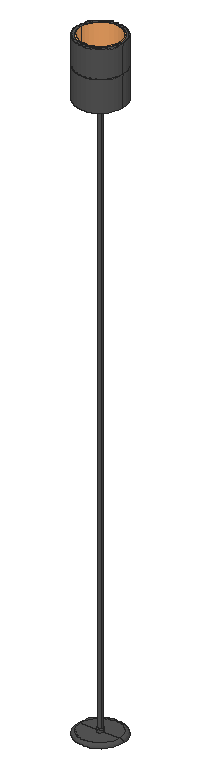
Revit family "MELO CYLINDER PENDANT LIGHT", category Lighting Fixtures, host Face, Revit 2020
Family settings
  Host = Face
  Round Connector Dimension = Use Diameter
  Part Type = Normal
  Cut with Voids When Loaded = No
  Light Source = Yes
  Shared = No
  Room Calculation Point = No
Parameters (values of type "MELO04R-SP30801-10D-15-GD-BK")
  Wattage_Input [instance] = 25 W
  Wattage Comments = "25W/18W/12W"
  Wattage = 17.5035 W
  Voltage_Input [instance] = 0 V
  built-in parameter 1150110 = 1 (stored number, unit not read)
  Voltage [instance] = if(Voltage_Input < 120 V, 120 V, if(Voltage_Input > 277 V, 277 V, Voltage_Input))  # 120 V
  URL = "https://www.abovealllighting.com/Product/LED-INDOOR-FIXTURE/Cylinder/MELOCylinderPendantLight.html"
  Type Comments = "MELO CYLINDER PENDANT LIGHT"
  built-in parameter 1114217 = 1 (stored number, unit not read)
  Tilt Angle = -90.00°
  built-in parameter 1150109 = 1 (stored number, unit not read)
  built-in parameter 1150134 = (empty or 0)
  built-in parameter 1150113 = 1 (stored number, unit not read)
  Size 08 = no
  Size 06 = no
  Size 04 = yes
  Selectable Wattage [instance] = if(and(Wattage_Input = 25 W, Size 04), 25 W, if(and(Wattage_Input = 18 W, Size 04), 18 W, if(and(Wattage_Input = 12 W, Size 04), 12 W, if(and(Wattage_Input = 40 W, Size 06), 40 W, if(and(Wattage_Input = 30 W, Size 06), 30 W, if(and(Wattage_Input = 20 W, Size 06), 20 W, if(and(Wattage_Input = 58 W, Size 08), 58 W, if(and(Wattage_Input = 44 W, Size 08), 44 W, if(and(Wattage_Input = 29 W, Size 08), 29 W, 0 W)))))))))  # 25 W
  Power Factor = 1  # constant formula
  Photometric Web File = "generic"
  Pendent Rod Length_1 [instance] = if(Pendent, Pendant Rod Length, 0' 0 1/128")  # 4' - 0"
  Pendent [instance] = yes
  Pendant Rod Length = 4' - 0"
  Order number = "17290"
  built-in parameter 1150142 = (empty or 0)
  Model = "MELO04R-SP30801-10D-15-GD-BK"
  Manufacturer = "Above All Lighting"
  built-in parameter 1150105 = 206.9 (stored number, unit not read)
  Lumens = 2600 lm
  built-in parameter 1150115 = 1 (stored number, unit not read)
  Load Classification = Lighting
  built-in parameter 1150137 = (empty or 0)
  built-in parameter 1150139 = (empty or 0)
  built-in parameter 1150112 = 1 (stored number, unit not read)
  built-in parameter 1150114 = 1 (stored number, unit not read)
  built-in parameter 1150132 = 2
  built-in parameter 1150102 = (empty or 0)
  built-in parameter 1150107 = 3000 (stored number, unit not read)
  built-in parameter 1150138 = (empty or 0)
  built-in parameter 1150106 = 2.069 (stored number, unit not read)
  IP Rating = "Wet Location"  # constant formula
  Fixture Diameter = 0' - 3 115/128"
  Finish/Color = BLACK
  built-in parameter 1150104 = 13.8 (stored number, unit not read)
  Dimming Lamp Color Temperature Shift = <None>
  Dimming / Control = "0-10V"
  Description = "The MELO cylinder would greatly create possibilities in the whole commercial area. Multiple sizes, beam \r\noptions , and high visual comfort COB LED."
  Default Elevation = 0' - 0"
  Color Filter = 16777215
  Canopy for Surface Mount J-box [instance] = not([Canopy for Recessed J-Box])  # no
  Canopy for Recessed J-Box [instance] = yes
  Canopy Height [instance] = if([Canopy for Recessed J-Box], 0' 0 1/2", 0' 1 1/2")  # 0' - 0 1/2"
  CRI = "80"  # constant formula
  C2 H = 0' - 2.3"
  C1 H = 0' - 2.6"
  built-in parameter 1114218 = 1 (stored number, unit not read)
  Baffle = GOLDEN
  BEAMING ANGLE = 15.00°
  Average life based on 104F(HRS) = "50000"  # constant formula
  built-in parameter 1150133 = 10 (stored number, unit not read)
  Apparent Load = 0 VA
Reference planes (in)
  plane 1 "Center (Front/Back)": y = 0
  plane 2: z = 0
  plane 3 "Center (Left/Right)": x = 0
  plane 4: x = -1.94922
  plane 5: x = 1.94922
  plane 6: z = 53.4
  plane 7: z = 48.5
  plane 8: z = 51.1
  plane 9: z = 51.27263
  plane 10: z = 0.5
Forms (in)
  Revolve 1, solid, material "BLACK" <- "Finish/Color", visible <- "Pendent"
    sketch origin (0, 0, 0) x (1, 0, 0) y (0, 0, 1)
      loop
        line (-0.14848, 0.5) -> (0, 0.5) -> (0, 48.5) -> (-0.27362, 48.5) -> (-0.27362, 48.09294) -> (-0.14848, 48.09294) -> (-0.14848, 0.5)
      axis (0, 48.5) -> (0, 0.5)
    angle from 0 to 360
  Revolve 2, solid, material "BLACK" <- "Finish/Color", visible <- "Canopy for Recessed J-Box"
    sketch origin (0, 0, 0) x (1, 0, 0) y (0, 0, 1)
      loop
        line (0, 0) -> (0, 0.5) -> (-0.19141, 0.5)
        arc (-0.19141, 0.5) -> (-0.23284, 0.48284) -> (-0.25, 0.44141) r 0.05859
        line (-0.25, 0.44141) -> (-0.25, 0.2629) -> (-1.68426, 0.2629)
        arc (-1.68426, 0.2629) -> (-1.87016, 0.1859) -> (-1.94716, 0) r 0.2629
        line (-1.94716, 0) -> (0, 0)
      axis (0, 0) -> (0, 0.5)
    angle from 0 to 360
  Revolve 3, solid, material "BLACK" <- "Finish/Color", visible <- "Canopy for Surface Mount J-box"
    sketch origin (0, 0, 0) x (1, 0, 0) y (0, 0, 1)
      loop
        line (0, 0) -> (0, 1.5) -> (-0.19278, 1.5)
        arc (-0.19278, 1.5) -> (-0.23324, 1.48324) -> (-0.25, 1.44278) r 0.05722
        line (-0.25, 1.44278) -> (-0.25, 1.29228) -> (-1.78944, 1.29228)
        arc (-1.78944, 1.29228) -> (-1.90242, 1.24548) -> (-1.94922, 1.1325) r 0.15978
        line (-1.94922, 1.1325) -> (-1.94922, 0) -> (0, 0)
      axis (0, 1.5) -> (0, 0)
    angle from 0 to 360
Dimensions and locks (in)
  equal spacing: plane 4, plane 3 "Center (Left/Right)", plane 5
  "Fixture Diameter": plane 4 to plane 5
  "Pendent Rod Length_1": plane 7 to plane 10
  "C1 H": plane 8 to plane 7
  "C2 H": plane 6 to plane 8
  locked: Revolve 1 sketch curve to Revolve 1 sketch curve at 0.14848
  locked: Revolve 1 sketch curve to Revolve 1 sketch curve at 0.40706
  "Canopy Height": plane 10 to plane 2
  Revolve 2 sketch curve to Revolve 2 sketch curve to Revolve 2 sketch curve = 0' - 0.2371" locked, 0' - 0.2629" locked
  locked: Revolve 2 sketch curve to Revolve 2 sketch curve at 0.25
  Revolve 3 sketch curve to Revolve 3 sketch curve to Revolve 3 sketch curve = 0' - 0.20772" locked, 0' - 1.29228" locked
  locked: Revolve 3 sketch curve to Revolve 3 sketch curve at 0.25
  aligned and locked: plane 2 to host face
  aligned and locked: level to host face
  aligned and locked: plane 8 to nested 1
  aligned and locked: plane 8 to nested 2
  aligned and locked: plane 6 to nested 2
  aligned and locked: Revolve 1 sketch curve to plane 3 "Center (Left/Right)"  (x2)
  aligned and locked: Revolve 1 sketch curve to plane 7
  aligned and locked: nested 1 to plane 7
  aligned and locked: plane 6 to imposter light
  aligned and locked: plane 3 "Center (Left/Right)" to imposter light
  aligned and locked: plane 10 to Revolve 1 sketch curve
  aligned and locked: Revolve 2 sketch curve to plane 2
  aligned and locked: plane 3 "Center (Left/Right)" to Revolve 2 sketch curve  (x2)
  aligned and locked: Revolve 3 sketch curve to plane 2
  aligned and locked: plane 3 "Center (Left/Right)" to Revolve 3 sketch curve
  aligned and locked: Revolve 3 sketch curve to plane 3 "Center (Left/Right)"
  aligned and locked: Revolve 3 sketch curve to plane 4
Automatic sketch dimensions
  host sketch curve to host sketch curve = 8' - 0"  (x2)
  Revolve 1 sketch curve to Revolve 1 sketch curve = 0' - 0.12514"
  Revolve 1 sketch curve to Revolve 1 sketch curve = 0' - 0.10837"
  Revolve 1 sketch curve to Revolve 1 sketch curve = 0' - 0.30588"
  plane 4 to Revolve 2 sketch curve = 0' - 0.26495"
  Revolve 2 sketch curve to Revolve 2 sketch curve = 0' - 0 15/256"
  Revolve 2 sketch curve to Revolve 2 sketch curve = 0' - 0.30352"
  Revolve 2 sketch curve to Revolve 2 sketch curve = 0' - 0 1/4"
  Revolve 3 sketch curve to Revolve 3 sketch curve = 0' - 0.15978"
  Revolve 3 sketch curve to Revolve 3 sketch curve = 0' - 0.05722"
  Revolve 3 sketch curve to level = 0' - 0.3754"
  Revolve 3 sketch curve to Revolve 3 sketch curve = 0' - 0.31"
Nested families (in)
  nested 1: "Family2" at (0, 0, 48.5), Diameter <- "Fixture Diameter", Circle1 H <- "C1 H", material <- "Finish/Color", type "Family2"
    with material BLACK, Diameter 0' - 3 115/128", Circle1 H 0' - 2.6", Circle Radius 0' - 1 243/256"
  nested 2: "Family3" at (0, 0, 48.5), C2 H <- "C2 H", Materials1 <- "Finish/Color", Materials <- "Baffle", Diameter <- "Fixture Diameter", type "Family3"
    with Materials1 BLACK, Materials GOLDEN, Diameter 0' - 3 115/128", Circle2 Radius1 0' - 1 243/256", C2 H 0' - 2.3", Baffle dia 0' - 1 179/256"
Connectors (in)
  electrical at (0, 0, 0), driven by "Load Classification", driven by "Apparent Load", driven by "Power Factor", driven by "Voltage"
    settings: on host face, index 1, voltage 120 V, apparent load 0 VA, apparent load phase1 0 VA, apparent load phase2 0 VA, apparent load phase3 0 VA, power factor 1, load classification "Lighting", number of poles 1, system type 30, power factor state 1, is connector primary yes, connector utility no, sub classification motor no, connector description ""
Definition of nested family "Family2"
  Parameters (values of type "Family2")
    material [instance] = none
    Diameter [instance] = 3' - 0"
    Default Elevation = 0' - 0"
    Circle1 H [instance] = 0' - 2.6"
    Circle Radius [instance] = Diameter / 2  # 1' - 6"
  Reference planes (in)
    plane 1 "Center (Front/Back)": y = 0
    plane 2: z = 0
    plane 3 "Center (Left/Right)": x = 0
    plane 4: z = 2.6
    plane 5: z = 5.9
    plane 6: x = -18
    plane 7: x = 18
  Forms (in)
    Revolve 1, solid, material <- "material"
      sketch origin (0, 0, 0) x (1, 0, 0) y (0, 0, 1)
        loop
          line (0, 0) -> (0, 2.6) -> (-17.98021, 2.6)
          arc (-17.98021, 2.6) -> (-17.9942, 2.5942) -> (-18, 2.58021) r 0.01979
          line (-18, 2.58021) -> (-18, 0) -> (0, 0)
        axis (0, 2.6) -> (0, 0)
      angle from 0 to 360
  Dimensions and locks (in)
    plane 5 to plane 2 = 0' - 5.9"
    "Circle1 H": plane 4 to plane 2
    equal spacing: plane 6, plane 3 "Center (Left/Right)", plane 7
    "Diameter": plane 6 to plane 7
    aligned and locked: plane 2 to level
    aligned and locked: Revolve 1 sketch curve to plane 6
    aligned and locked: plane 4 to Revolve 1 sketch curve
    aligned and locked: plane 3 "Center (Left/Right)" to Revolve 1 sketch curve
    aligned and locked: Revolve 1 sketch curve to plane 2
    aligned and locked: Revolve 1 sketch curve to plane 3 "Center (Left/Right)"
  Automatic sketch dimensions
    Revolve 1 sketch curve to plane 4 = 0' - 0.01979"
    Revolve 1 sketch curve to plane 4 = 0' - 0 3/4"
    Revolve 1 sketch curve to Revolve 1 sketch curve = 0' - 0 3/4"
Definition of nested family "Family3"
  Parameters (values of type "Family3")
    Materials1 [instance] = none
    Materials [instance] = none
    Diameter [instance] = 0' - 3.9"
    Default Elevation = 0' - 0"
    Circle2 Radius1 [instance] = Diameter / 2  # 0' - 1.95"
    C2 H [instance] = 0' - 2.3"
    Baffle dia [instance] = Circle2 Radius1 - 0' 0 1/4"  # 0' - 1.7"
  Reference planes (in)
    plane 1 "Center (Front/Back)": y = 0
    plane 2: z = 0
    plane 3 "Center (Left/Right)": x = 0
    plane 4: x = -1.95
    plane 5: x = 1.95
    plane 6: z = 2.6
    plane 7: z = 4.9
  Forms (in)
    Revolve 1, solid, material <- "Materials"
      sketch origin (0, 0, 0) x (1, 0, 0) y (0, 0, 1)
        loop
          line (-1.7, 4.9) -> (-1.7, 2.6) -> (-1.6556, 2.6) -> (-1.6556, 4.9) -> (-1.7, 4.9)
        axis (0, 4.9) -> (0, 2.6)
      angle from 0 to 360
    Revolve 2, solid, material <- "Materials1"
      sketch origin (0, 0, 0) x (1, 0, 0) y (0, 0, 1)
        loop
          arc (-1.92984, 4.9) -> (-1.9441, 4.8941) -> (-1.95, 4.87984) r 0.02016
          line (-1.95, 4.87984) -> (-1.95, 2.6) -> (-1.7, 2.6) -> (-1.7, 4.9) -> (-1.92984, 4.9)
        axis (0, 2.6) -> (0, 4.9)
      angle from 0 to 360
  Dimensions and locks (in)
    equal spacing: plane 4, plane 3 "Center (Left/Right)", plane 5
    "Diameter": plane 4 to plane 5
    plane 6 to plane 2 = 0' - 2.6"
    "C2 H": plane 7 to plane 6
    locked: Revolve 1 sketch curve to Revolve 1 sketch curve at 0.0444
    "Baffle dia": plane 3 "Center (Left/Right)" to Revolve 1 sketch curve
    locked: Revolve 2 sketch curve to Revolve 2 sketch curve at 0.25
    "Circle2 Radius1": plane 3 "Center (Left/Right)" to Revolve 2 sketch curve
    aligned and locked: plane 2 to level
    aligned and locked: Revolve 1 sketch curve to plane 6
    aligned and locked: plane 7 to Revolve 1 sketch curve
    aligned and locked: Revolve 1 sketch curve to plane 3 "Center (Left/Right)"
    aligned and locked: Revolve 2 sketch curve to plane 7
    aligned and locked: plane 6 to Revolve 2 sketch curve
    aligned and locked: plane 3 "Center (Left/Right)" to Revolve 2 sketch curve
  Automatic sketch dimensions
    Revolve 1 sketch curve to plane 7 = 0' - 0"
    Revolve 1 sketch curve to Revolve 1 sketch curve = 0' - 0 1/2"
    plane 4 to Revolve 2 sketch curve = 0' - 0.02016"
    Revolve 2 sketch curve to plane 6 = 0' - 0 3/4"
    level to Revolve 2 sketch curve = 0' - 0.85"
Types (16): name | Wattage_Input | Wattage Comments | Wattage | Voltage_Input | Size 08 | Size 06 | Size 04 | Selectable Wattage | Photometric Web File | Pendent Rod Length_1 | Pendent | Order number | built-in parameter 1150142 | Model | built-in parameter 1150105 | Lumens | built-in parameter 1150106 | Fixture Diameter | Canopy for Surface Mount J-box | Canopy for Recessed J-Box | Canopy Height | C2 H | C1 H | BEAMING ANGLE
  (no name) | 25 W | "25W/18W/12W" | 17.5035 W | 0 V | no | no | yes | 25 W | "generic" | 4' - 0" | yes | "17290" | (empty or 0) | "MELO04R-SP30801-10D-15-GD-BK" | 206.9 (stored number, unit not read) | 2600 lm | 2.069 (stored number, unit not read) | 0' - 3 115/128" | no | yes | 0' - 0 1/2" | 0' - 2.3" | 0' - 2.6" | 15.00°
  MELO04R-SP30801-10D-15-GD-BK | 25 W | "25W/18W/12W" | 17.5035 W | 0 V | no | no | yes | 25 W | "generic" | 4' - 0" | yes | "17290" | (empty or 0) | "MELO04R-SP30801-10D-15-GD-BK" | 206.9 (stored number, unit not read) | 2600 lm | 2.069 (stored number, unit not read) | 0' - 3 115/128" | no | yes | 0' - 0 1/2" | 0' - 2.3" | 0' - 2.6" | 15.00°
  MELO04R-SP30801-10D-24-GD-BK | 25 W | "25W/18W/12W" | 17.5035 W | 0 V | no | no | yes | 25 W | "generic" | 4' - 0" | yes | "17286" | (empty or 0) | "MELO04R-SP30801-10D-24-GD-BK" | 206.9 (stored number, unit not read) | 2600 lm | 2.069 (stored number, unit not read) | 0' - 3 115/128" | no | yes | 0' - 0 1/2" | 0' - 2.3" | 0' - 2.6" | 24.00°
  MELO04R-SP30801-10D-60-GD-BK | 25 W | "25W/18W/12W" | 17.5035 W | 0 V | no | no | yes | 25 W | "MELO04R-SP30801-10D-60.IES" | 4' - 0" | yes | "17292" | "IESNA:LM-63-2002\r\n[TEST] \r\n[TESTLAB] EVERFINE\r\n[TESTDATE] 2023-03-20\r\n[ISSUEDATE] 2023-07-07 09:54:40\r\n[NEARFIELD] \r\n[LAMPPOSITION] 0,0\r\n[OTHER] EVERFINE GO-2000B_V1 SYSTEM\r\n[MANUFAC] Aboveall lighting\r\n[LUMINAIRE] MELO04R-SP30801-10D-60\r\n[OTHER] \r\n[OTHER] Gamma(deg)    Fz(lm)      Ft(lm)     %Lum    %Lamp\r\n[OTHER]   0- 10       275.69      275.69    10.55    10.55\r\n[OTHER]  10- 20       740.10     1015.79    38.88    38.88\r\n[OTHER]  20- 30       925.65     1941.44    74.31    74.31\r\n[OTHER]  30- 40       461.67     2403.11    91.98    91.98\r\n[OTHER]  40- 50        96.17     2499.28    95.66    95.66\r\n[OTHER]  50- 60        52.26     2551.55    97.66    97.66\r\n[OTHER]  60- 70        35.91     2587.46    99.04    99.04\r\n[OTHER]  70- 80        15.08     2602.53    99.61    99.61\r\n[OTHER]  80- 90         2.38     2604.91    99.70    99.70\r\n[OTHER]  90-100         0.18     2605.09    99.71    99.71\r\n[OTHER] 100-110         0.29     2605.38    99.72    99.72\r\n[OTHER] 110-120         0.35     2605.73    99.73    99.73\r\n[OTHER] 120-130         0.41     2606.14    99.75    99.75\r\n[OTHER] 130-140         0.88     2607.03    99.78    99.78\r\n[OTHER] 140-150         1.57     2608.60    99.84    99.84\r\n[OTHER] 150-160         1.87     2610.47    99.92    99.92\r\n[OTHER] 160-170         1.57     2612.04    99.98    99.98\r\n[OTHER] 170-180         0.61     2612.66   100.00   100.00\r\n[OTHER] \r\nTILT=NONE\r\n1 -1 1 181 25 1 2 -0.085 -0.085 0\r\n1 1 25\r\n0.00 1.00 2.00 3.00 4.00 5.00 6.00 7.00 8.00 9.00 10.00 11.00 12.00 13.00 14.00 15.00 16.00 17.00 18.00 19.00 20.00 21.00 22.00 23.00 24.00 25.00 26.00 27.00 28.00 29.00 30.00 31.00 32.00 33.00 34.00 35.00 36.00 37.00 38.00 39.00 40.00 41.00 42.00 43.00 \r\n44.00 45.00 46.00 47.00 48.00 49.00 50.00 51.00 52.00 53.00 54.00 55.00 56.00 57.00 58.00 59.00 60.00 61.00 62.00 63.00 64.00 65.00 66.00 67.00 68.00 69.00 70.00 71.00 72.00 73.00 74.00 75.00 76.00 77.00 78.00 79.00 80.00 81.00 82.00 83.00 84.00 85.00 \r\n86.00 87.00 88.00 89.00 90.00 91.00 92.00 93.00 94.00 95.00 96.00 97.00 98.00 99.00 100.00 101.00 102.00 103.00 104.00 105.00 106.00 107.00 108.00 109.00 110.00 111.00 112.00 113.00 114.00 115.00 116.00 117.00 118.00 119.00 120.00 121.00 122.00 123.00 \r\n124.00 125.00 126.00 127.00 128.00 129.00 130.00 131.00 132.00 133.00 134.00 135.00 136.00 137.00 138.00 139.00 140.00 141.00 142.00 143.00 144.00 145.00 146.00 147.00 148.00 149.00 150.00 151.00 152.00 153.00 154.00 155.00 156.00 157.00 158.00 159.00 \r\n160.00 161.00 162.00 163.00 164.00 165.00 166.00 167.00 168.00 169.00 170.00 171.00 172.00 173.00 174.00 175.00 176.00 177.00 178.00 179.00 180.00\r\n0.00 15.00 30.00 45.00 60.00 75.00 90.00 105.00 120.00 135.00 150.00 165.00 180.00 195.00 210.00 225.00 240.00 255.00 270.00 285.00 300.00 315.00 330.00 345.00 360.00\r\n2956.60 2965.06 2977.57 2984.73 2983.33 2974.47 2956.45 2936.44 2914.78 2891.77 2867.78 2842.66 2818.29 2786.95 2754.01 2725.13 2696.36 2665.18 2632.80 2596.74 2558.35 2516.37 2469.10 2415.45 2351.90 2279.58 2202.79 2120.87 2030.89 1930.44 1818.30 1689.90\r\n 1537.63 1335.79 1084.80 841.21 630.37 469.42 357.47 289.03 245.26 212.53 185.12 162.25 137.53 112.80 86.66 74.08 69.50 67.38 65.58 63.94 62.45 60.79 59.08 57.06 54.82 52.58 50.27 47.91 45.54 43.19 40.79 38.41 36.07 33.74 31.44 29.20 27.00 24.92 22.92 \r\n20.95 19.06 17.23 15.48 13.82 12.23 10.71 9.28 7.94 6.68 5.53 4.55 3.75 3.39 3.40 3.43 3.26 2.44 1.25 0.34 0.15 0.14 0.19 0.38 0.65 0.12 0.12 0.12 0.12 0.12 0.13 0.13 0.13 0.13 0.13 0.13 0.14 0.48 0.82 0.87 0.80 0.73 0.67 0.60 0.55 0.50 0.44 0.41 0.37 \r\n0.36 0.35 0.33 0.32 0.33 0.32 0.32 0.32 0.39 0.39 0.43 0.53 0.56 0.65 0.71 0.83 0.90 1.02 1.14 1.27 1.41 1.56 1.66 1.80 1.95 2.10 2.25 2.40 2.56 2.70 2.85 3.00 3.15 3.34 3.48 3.64 3.79 3.96 4.12 4.28 4.46 4.67 4.85 5.03 5.22 5.39 5.56 5.69 5.82 5.93 6.04 \r\n6.11 6.19 6.26 6.34 6.42 6.47 6.53 6.58 6.65 6.65\r\n2956.60 2960.89 2976.11 2988.09 2992.66 2989.98 2976.43 2957.18 2938.42 2918.81 2894.09 2869.63 2845.19 2816.96 2788.91 2756.85 2722.07 2690.56 2660.14 2626.52 2588.47 2544.90 2501.31 2449.54 2389.80 2324.43 2251.74 2172.04 2088.75 1998.78 1899.03 1777.83\r\n 1646.64 1448.02 1201.46 940.95 715.99 526.22 400.58 322.67 278.17 233.77 203.46 179.07 155.44 130.13 98.75 80.47 72.90 69.88 67.85 65.99 64.44 62.86 61.25 59.28 57.14 54.87 52.56 50.21 47.79 45.40 42.94 40.52 38.08 35.71 33.34 31.00 28.74 26.50 24.40 \r\n22.34 20.36 18.46 16.68 14.90 13.23 11.64 10.12 8.72 7.38 6.18 5.16 4.28 3.68 3.69 3.81 3.75 3.18 1.85 0.70 0.15 0.16 0.20 0.37 0.66 0.10 0.10 0.11 0.11 0.12 0.12 0.13 0.14 0.14 0.14 0.15 0.23 0.67 0.90 0.84 0.76 0.68 0.61 0.56 0.50 0.44 0.39 0.38 0.37 \r\n0.36 0.35 0.34 0.33 0.33 0.35 0.36 0.37 0.40 0.42 0.45 0.50 0.56 0.64 0.71 0.80 0.90 1.01 1.12 1.24 1.37 1.50 1.62 1.75 1.89 2.03 2.17 2.32 2.46 2.61 2.76 2.91 3.07 3.23 3.39 3.54 3.71 3.85 4.02 4.18 4.36 4.54 4.73 4.92 5.11 5.30 5.47 5.62 5.76 5.89 6.01 \r\n6.10 6.19 6.27 6.35 6.42 6.49 6.56 6.62 6.65 6.65\r\n2956.60 2958.75 2974.70 2987.46 2993.04 2993.60 2984.86 2970.51 2950.54 2932.34 2905.86 2880.77 2853.80 2825.33 2796.65 2767.05 2739.24 2702.28 2667.74 2632.62 2594.49 2552.21 2506.82 2454.57 2392.66 2325.10 2252.33 2173.30 2088.34 2000.87 1904.52 1806.02\r\n 1675.27 1536.46 1329.88 1093.49 851.54 648.62 480.42 373.69 305.29 260.76 225.27 196.86 171.95 146.52 121.08 91.46 77.32 72.85 70.27 68.26 66.43 64.92 63.32 61.69 59.80 57.51 55.23 52.88 50.47 48.05 45.57 43.06 40.58 38.12 35.67 33.25 30.83 28.45 26.13 \r\n23.84 21.65 19.57 17.55 15.65 13.78 12.04 10.41 8.92 7.52 6.24 5.07 4.02 3.18 2.99 3.06 3.10 2.92 1.89 0.71 0.17 0.14 0.20 0.49 0.24 0.22 0.20 0.19 0.17 0.16 0.14 0.12 0.11 0.11 0.12 0.58 0.88 0.85 0.77 0.68 0.63 0.56 0.50 0.44 0.40 0.37 0.35 0.34 0.32 \r\n0.31 0.30 0.30 0.31 0.32 0.33 0.34 0.35 0.36 0.37 0.37 0.44 0.54 0.61 0.68 0.74 0.83 0.97 1.04 1.17 1.28 1.41 1.55 1.66 1.80 1.94 2.08 2.22 2.37 2.51 2.67 2.83 2.99 3.15 3.30 3.45 3.60 3.75 3.91 4.07 4.24 4.42 4.62 4.80 4.99 5.17 5.35 5.51 5.65 5.78 5.90 \r\n6.02 6.11 6.20 6.28 6.36 6.43 6.50 6.56 6.59 6.65\r\n2956.60 2953.40 2966.38 2979.32 2987.41 2990.59 2986.92 2976.41 2960.25 2940.24 2916.66 2887.19 2856.58 2830.39 2800.93 2771.39 2743.59 2711.89 2672.80 2633.25 2593.24 2548.20 2499.73 2449.27 2389.05 2320.44 2245.35 2165.19 2081.57 1995.11 1904.83 1808.47\r\n 1705.74 1592.58 1477.83 1338.59 1188.31 975.69 772.47 586.65 438.16 330.82 273.80 216.99 187.87 163.56 144.92 127.75 112.31 95.97 79.00 71.76 69.39 67.50 65.72 63.93 62.30 60.52 58.64 56.57 54.19 51.86 49.29 46.67 44.00 41.35 38.68 36.07 33.47 30.88 \r\n28.39 25.92 23.48 21.09 18.84 16.60 14.55 12.56 10.71 8.97 7.31 5.84 4.48 3.32 2.43 1.94 1.96 1.95 1.64 1.12 0.48 0.11 0.11 0.16 0.21 0.10 0.11 0.11 0.11 0.14 0.18 0.21 0.24 0.27 0.67 0.64 0.59 0.53 0.45 0.33 0.27 0.27 0.27 0.28 0.29 0.31 0.31 0.32 0.33 \r\n0.34 0.34 0.35 0.35 0.35 0.36 0.36 0.37 0.39 0.41 0.43 0.45 0.48 0.52 0.57 0.64 0.71 0.80 0.89 1.00 1.13 1.24 1.38 1.51 1.65 1.78 1.94 2.09 2.26 2.41 2.56 2.72 2.87 3.02 3.17 3.31 3.45 3.58 3.72 3.87 4.02 4.18 4.37 4.55 4.74 4.92 5.11 5.30 5.49 5.64 5.79 \r\n5.93 6.06 6.17 6.27 6.36 6.45 6.49 6.55 6.61 6.64 6.65\r\n2956.60 2948.63 2958.85 2968.03 2977.25 2979.12 2974.57 2967.74 2952.60 2933.64 2909.49 2881.57 2851.72 2820.83 2789.98 2757.45 2726.31 2694.44 2652.59 2608.17 2563.67 2517.50 2468.45 2413.30 2353.20 2284.59 2207.48 2126.26 2040.72 1953.60 1864.83 1769.73\r\n 1667.63 1559.29 1444.21 1315.80 1166.82 967.06 768.94 596.49 449.80 344.48 273.36 229.53 199.75 175.33 157.64 142.79 127.98 115.73 103.02 87.08 75.26 69.39 67.73 66.12 64.46 62.75 60.98 59.07 56.79 54.31 51.67 49.04 46.29 43.53 40.77 38.01 35.28 32.57 \r\n29.93 27.29 24.72 22.23 19.78 17.45 15.16 12.95 10.87 8.91 7.28 5.82 4.47 3.20 2.07 1.51 1.14 0.91 0.75 0.26 0.18 0.13 0.12 0.11 0.11 0.13 0.36 0.44 0.49 0.52 0.52 0.50 0.45 0.41 0.38 0.35 0.32 0.31 0.31 0.31 0.31 0.31 0.31 0.31 0.31 0.32 0.36 0.37 0.37 \r\n0.38 0.38 0.40 0.42 0.44 0.46 0.48 0.49 0.52 0.52 0.52 0.53 0.58 0.60 0.66 0.72 0.78 0.84 0.92 1.01 1.11 1.23 1.35 1.48 1.63 1.77 1.92 2.08 2.24 2.39 2.54 2.72 2.89 3.03 3.20 3.31 3.45 3.59 3.72 3.87 4.01 4.17 4.34 4.53 4.71 4.90 5.07 5.25 5.43 5.59 5.74 \r\n5.88 6.03 6.15 6.28 6.35 6.41 6.48 6.50 6.56 6.57 6.65\r\n2956.60 2940.54 2948.41 2954.67 2959.03 2960.99 2957.59 2948.73 2934.68 2917.13 2894.08 2867.45 2840.85 2811.26 2779.00 2744.19 2709.74 2670.95 2625.47 2580.06 2532.93 2484.64 2433.21 2377.52 2314.24 2246.24 2170.77 2087.32 2002.41 1913.92 1824.93 1731.37\r\n 1632.94 1527.00 1414.17 1290.02 1132.26 933.34 743.52 572.75 436.07 337.07 283.53 230.18 200.11 177.53 158.29 143.22 129.80 118.03 104.26 88.22 77.06 71.77 69.98 68.40 66.79 65.12 63.61 61.87 59.74 57.18 54.57 51.84 49.02 46.19 43.29 40.42 37.55 34.75 \r\n31.93 29.21 26.49 23.82 21.30 18.76 16.36 14.37 12.64 11.18 9.76 8.43 7.15 5.96 4.81 4.12 3.70 2.65 1.16 0.30 0.24 0.16 0.15 0.15 0.14 0.14 0.13 0.14 0.14 0.14 0.16 0.20 0.23 0.26 0.30 0.34 0.37 0.40 0.43 0.44 0.45 0.47 0.49 0.51 0.52 0.54 0.55 0.56 0.57 \r\n0.58 0.60 0.61 0.61 0.62 0.63 0.64 0.64 0.66 0.67 0.69 0.71 0.75 0.78 0.81 0.87 0.93 1.02 1.10 1.17 1.25 1.34 1.45 1.56 1.69 1.82 1.97 2.12 2.28 2.44 2.60 2.75 2.91 3.06 3.21 3.38 3.53 3.66 3.80 3.94 4.09 4.24 4.41 4.59 4.75 4.95 5.13 5.31 5.49 5.65 5.80 \r\n5.95 6.07 6.17 6.27 6.35 6.42 6.48 6.52 6.55 6.58 6.65\r\n2956.60 2993.61 2998.23 3001.61 3003.37 3001.27 2996.15 2984.92 2969.19 2952.20 2931.32 2908.24 2880.13 2848.36 2812.12 2773.37 2732.61 2689.88 2640.33 2590.28 2538.41 2485.40 2431.64 2373.11 2308.54 2235.95 2157.14 2068.62 1980.86 1889.07 1799.79 1704.01\r\n 1605.20 1499.08 1380.65 1259.29 1072.62 871.19 686.74 526.06 400.28 330.13 260.35 225.77 199.93 178.47 160.35 145.06 132.09 118.94 102.58 84.72 77.64 74.27 72.62 71.13 69.59 68.04 66.42 64.58 62.64 60.20 57.59 54.84 51.98 49.02 46.02 43.02 39.99 37.01 \r\n34.03 31.07 28.13 25.33 22.55 19.94 17.71 15.78 14.09 12.76 11.58 10.55 9.65 8.86 8.23 7.90 7.77 5.72 2.52 0.31 0.27 0.27 0.23 0.18 0.14 0.15 0.14 0.14 0.13 0.14 0.15 0.20 0.28 0.37 0.48 0.56 0.61 0.65 0.67 0.69 0.69 0.69 0.70 0.70 0.70 0.71 0.70 0.70 \r\n0.71 0.71 0.72 0.72 0.73 0.73 0.73 0.73 0.74 0.75 0.75 0.78 0.80 0.84 0.89 0.94 1.01 1.08 1.17 1.28 1.38 1.48 1.59 1.70 1.81 1.94 2.10 2.26 2.42 2.59 2.77 2.95 3.12 3.29 3.47 3.63 3.80 3.96 4.11 4.26 4.40 4.55 4.70 4.86 5.02 5.16 5.31 5.48 5.65 5.80 5.96 \r\n6.10 6.23 6.34 6.43 6.51 6.58 6.64 6.70 6.75 6.78 6.80 6.65\r\n2956.60 2981.71 2983.15 2984.69 2981.89 2977.54 2967.60 2954.09 2940.39 2922.35 2901.62 2874.33 2842.54 2804.32 2761.51 2719.17 2673.38 2621.43 2574.36 2524.33 2474.42 2421.96 2367.90 2306.93 2241.40 2165.82 2083.52 1996.40 1909.00 1816.55 1724.87 1625.80\r\n 1523.64 1407.88 1289.09 1115.67 915.23 729.50 560.91 432.26 334.47 275.34 236.48 207.80 184.89 165.19 149.75 134.36 121.61 105.85 88.06 78.90 74.33 72.53 70.87 69.22 67.60 66.16 64.65 62.84 60.81 58.30 55.77 53.11 50.33 47.45 44.54 41.53 38.53 35.52 \r\n32.49 29.64 26.75 23.98 21.22 18.69 16.21 14.19 12.49 11.12 10.01 8.93 7.92 6.83 5.74 4.74 3.80 1.86 0.47 0.34 0.26 0.21 0.21 0.18 0.14 0.13 0.14 0.15 0.16 0.18 0.21 0.24 0.26 0.29 0.35 0.41 0.45 0.48 0.51 0.52 0.52 0.54 0.61 0.61 0.61 0.62 0.62 0.62 0.62\r\n 0.63 0.63 0.66 0.67 0.67 0.67 0.68 0.68 0.68 0.69 0.73 0.76 0.81 0.88 0.94 0.99 1.09 1.18 1.31 1.40 1.51 1.63 1.74 1.88 2.02 2.18 2.34 2.53 2.69 2.86 3.04 3.21 3.36 3.53 3.74 3.86 4.02 4.16 4.32 4.46 4.62 4.77 4.92 5.06 5.23 5.37 5.54 5.72 5.87 5.99 6.12\r\n 6.25 6.35 6.43 6.50 6.56 6.61 6.66 6.71 6.71 6.72 6.65\r\n2956.60 2971.28 2968.40 2965.22 2959.35 2953.07 2943.22 2931.95 2917.72 2897.67 2871.52 2842.09 2805.88 2764.51 2721.79 2672.88 2624.99 2578.03 2531.75 2483.16 2433.64 2382.38 2329.24 2267.40 2197.73 2119.76 2038.45 1948.94 1859.79 1766.22 1669.49 1565.81\r\n 1451.77 1331.26 1182.60 980.65 787.39 609.94 465.20 358.05 298.70 239.63 208.18 184.82 165.32 148.62 134.87 122.03 108.55 92.35 78.81 73.10 70.92 69.23 67.77 66.24 64.68 63.08 61.17 59.05 56.91 54.61 52.32 49.94 47.36 44.63 41.81 38.95 36.06 33.26 30.48 \r\n27.74 25.07 22.45 19.91 17.45 15.13 12.85 10.67 8.72 7.21 5.75 4.35 2.96 1.70 0.93 0.59 0.71 0.74 0.39 0.15 0.11 0.10 0.10 0.11 0.14 0.39 0.46 0.44 0.39 0.32 0.26 0.23 0.23 0.25 0.28 0.29 0.32 0.32 0.33 0.35 0.37 0.39 0.41 0.42 0.44 0.46 0.48 0.49 0.50 \r\n0.51 0.52 0.54 0.55 0.56 0.57 0.59 0.61 0.63 0.66 0.71 0.75 0.82 0.89 1.00 1.08 1.18 1.30 1.41 1.54 1.68 1.81 1.97 2.13 2.31 2.48 2.66 2.83 2.99 3.17 3.34 3.50 3.67 3.83 3.98 4.13 4.27 4.43 4.58 4.73 4.88 5.02 5.19 5.34 5.50 5.66 5.81 5.95 6.09 6.22 6.33 \r\n6.44 6.51 6.59 6.65 6.70 6.75 6.78 6.80 6.81 6.65\r\n2956.60 2961.74 2954.43 2948.24 2940.43 2932.37 2922.04 2908.01 2888.44 2864.58 2834.20 2796.61 2756.77 2707.71 2661.39 2617.54 2573.32 2529.24 2484.79 2438.97 2391.40 2338.91 2278.61 2210.29 2135.30 2052.39 1966.31 1875.84 1783.62 1681.74 1579.76 1463.30\r\n 1341.54 1181.19 979.24 782.05 604.00 454.79 348.66 276.17 230.89 198.07 175.27 155.82 140.75 125.71 111.98 96.86 81.73 73.99 70.79 69.23 67.71 66.10 64.43 62.65 60.78 58.78 56.54 54.28 51.93 49.54 47.11 44.66 42.18 39.70 37.25 34.77 32.21 29.66 27.05 \r\n24.62 22.16 19.83 17.46 15.27 13.10 11.06 9.07 7.14 5.38 3.70 2.27 1.24 0.91 1.10 1.33 1.54 0.72 0.32 0.16 0.12 0.11 0.11 0.12 0.11 0.12 0.14 0.15 0.17 0.18 0.19 0.21 0.18 0.17 0.17 0.18 0.23 0.24 0.24 0.24 0.26 0.27 0.28 0.29 0.31 0.32 0.37 0.39 0.40 \r\n0.40 0.40 0.41 0.41 0.41 0.42 0.42 0.43 0.49 0.54 0.59 0.67 0.73 0.83 0.92 1.03 1.17 1.29 1.44 1.60 1.75 1.91 2.08 2.24 2.42 2.60 2.77 2.94 3.12 3.28 3.44 3.60 3.75 3.89 4.03 4.17 4.32 4.46 4.60 4.77 4.92 5.09 5.25 5.41 5.57 5.72 5.87 5.99 6.11 6.22 6.33 \r\n6.41 6.48 6.55 6.63 6.65 6.71 6.72 6.75 6.78 6.65\r\n2956.60 2954.54 2946.62 2939.51 2932.14 2919.67 2907.02 2891.22 2868.46 2839.95 2803.81 2759.33 2712.32 2670.58 2627.11 2582.83 2539.74 2497.78 2452.98 2408.85 2358.68 2303.00 2237.08 2162.01 2083.87 2000.62 1910.75 1816.70 1717.32 1611.21 1496.05 1374.80\r\n 1192.50 982.27 763.52 580.02 429.38 328.15 276.41 224.95 195.74 173.16 154.74 137.79 120.05 98.59 81.19 73.52 71.31 69.52 67.92 66.44 64.95 63.45 61.40 59.37 57.14 54.88 52.57 50.15 47.76 45.30 42.87 40.43 38.01 35.59 33.21 30.87 28.54 26.26 24.01 21.79 \r\n19.59 17.46 15.38 13.32 11.36 9.47 7.64 5.90 4.27 2.87 1.86 1.30 1.44 1.74 2.04 2.00 1.03 0.22 0.12 0.13 0.14 0.15 0.20 0.25 0.10 0.10 0.10 0.11 0.12 0.13 0.13 0.14 0.16 0.34 0.18 0.18 0.18 0.20 0.21 0.22 0.23 0.24 0.26 0.26 0.27 0.28 0.28 0.29 0.30 0.30 \r\n0.30 0.32 0.33 0.34 0.37 0.41 0.46 0.52 0.61 0.70 0.80 0.91 1.04 1.16 1.29 1.44 1.59 1.73 1.90 2.06 2.21 2.37 2.54 2.70 2.86 3.03 3.19 3.34 3.50 3.66 3.83 3.98 4.14 4.29 4.45 4.61 4.77 4.93 5.09 5.25 5.41 5.56 5.71 5.85 5.97 6.09 6.19 6.28 6.37 6.46 6.50 \r\n6.56 6.61 6.65 6.69 6.73 6.75 6.75 6.65\r\n2956.60 2945.55 2937.80 2930.28 2919.75 2903.36 2887.59 2867.75 2839.91 2799.69 2752.17 2710.15 2669.20 2629.07 2587.67 2542.89 2502.95 2459.82 2414.42 2365.47 2306.80 2239.76 2167.91 2090.29 2007.21 1917.90 1824.10 1725.77 1620.78 1501.17 1378.73 1186.80\r\n 965.60 748.99 560.51 415.18 319.66 260.82 222.91 195.05 173.42 155.25 137.07 118.88 93.98 78.45 72.10 70.07 68.40 66.82 65.30 63.69 62.09 59.99 57.85 55.62 53.33 51.02 48.66 46.25 43.85 41.46 39.09 36.73 34.39 32.07 29.81 27.56 25.39 23.22 21.08 19.05 \r\n16.99 15.05 13.07 11.20 9.39 7.65 5.99 4.45 3.18 2.15 1.48 1.40 1.68 1.95 1.90 1.09 0.29 0.17 0.11 0.11 0.11 0.10 0.10 0.10 0.10 0.10 0.10 0.10 0.10 0.10 0.10 0.10 0.10 0.10 0.24 0.44 0.19 0.17 0.17 0.18 0.18 0.19 0.20 0.20 0.21 0.22 0.22 0.22 0.23 0.23 \r\n0.24 0.26 0.28 0.31 0.35 0.39 0.45 0.52 0.61 0.73 0.82 0.95 1.07 1.21 1.35 1.51 1.65 1.81 1.98 2.15 2.30 2.45 2.62 2.79 2.97 3.11 3.28 3.43 3.59 3.75 3.90 4.05 4.22 4.38 4.54 4.70 4.88 5.05 5.22 5.37 5.53 5.67 5.82 5.93 6.04 6.13 6.21 6.29 6.35 6.41 6.44 \r\n6.48 6.55 6.58 6.64 6.64 6.67
